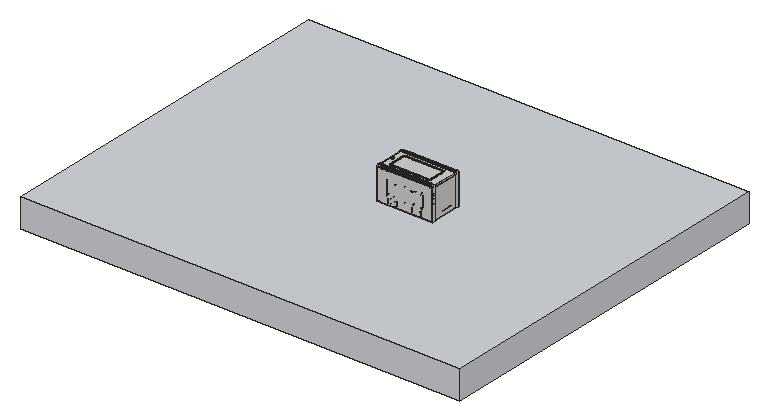
Revit family "ШТ-НСр 600х350", category Обобщенные модели, Revit 2019 (continued)
Definition of nested family "Крышка 350"
  Forms (mm)
    Extrusion 16, void, detail levels fine
      sketch origin (0, 0, -214.506) x (0, 1, 0) y (0, 0, 1)
        loop
          arc (238.196, 323.006) -> (239.942, 324.752) -> (238.196, 326.499) r 1.747
      from 299 to 300
    Extrusion 17, void, detail levels fine
      sketch origin (0, 0, -204.506) x (0, 1, 0) y (0, 0, 1)
        loop
          line (238.196, 326.499) -> (216.196, 326.499)
          arc (216.196, 326.499) -> (214.449, 324.752) -> (216.196, 323.006) r 1.747
          line (216.196, 323.006) -> (238.196, 323.006)
          arc (238.196, 323.006) -> (239.942, 324.752) -> (238.196, 326.499) r 1.747
      from 299 to 300
    Extrusion 18, void, detail levels fine
      sketch origin (0, 0, -194.506) x (0, 1, 0) y (0, 0, 1)
        loop
          line (238.196, 326.499) -> (216.196, 326.499)
          arc (216.196, 326.499) -> (214.449, 324.752) -> (216.196, 323.006) r 1.747
          line (216.196, 323.006) -> (238.196, 323.006)
          arc (238.196, 323.006) -> (239.942, 324.752) -> (238.196, 326.499) r 1.747
      from 299 to 300
    Extrusion 19, void, detail levels fine
      sketch origin (0, 0, -184.506) x (0, 1, 0) y (0, 0, 1)
        loop
          line (238.196, 326.499) -> (216.196, 326.499)
          arc (216.196, 326.499) -> (214.449, 324.752) -> (216.196, 323.006) r 1.747
          line (216.196, 323.006) -> (238.196, 323.006)
          arc (238.196, 323.006) -> (239.942, 324.752) -> (238.196, 326.499) r 1.747
      from 299 to 300
    Extrusion 20, void, detail levels fine
      sketch origin (0, 0, -174.506) x (0, 1, 0) y (0, 0, 1)
        loop
          line (238.196, 326.499) -> (216.196, 326.499)
          arc (216.196, 326.499) -> (214.449, 324.752) -> (216.196, 323.006) r 1.747
          line (216.196, 323.006) -> (238.196, 323.006)
          arc (238.196, 323.006) -> (239.942, 324.752) -> (238.196, 326.499) r 1.747
      from 299 to 300
    Extrusion 21, void, detail levels fine
      sketch origin (0, 0, -164.506) x (0, 1, 0) y (0, 0, 1)
        loop
          line (238.196, 326.499) -> (216.196, 326.499)
          arc (216.196, 326.499) -> (214.449, 324.752) -> (216.196, 323.006) r 1.747
          line (216.196, 323.006) -> (238.196, 323.006)
          arc (238.196, 323.006) -> (239.942, 324.752) -> (238.196, 326.499) r 1.747
      from 299 to 300
    Extrusion 22, void, detail levels fine
      sketch origin (0, 0, -154.506) x (0, 1, 0) y (0, 0, 1)
        loop
          line (238.196, 326.499) -> (216.196, 326.499)
          arc (216.196, 326.499) -> (214.449, 324.752) -> (216.196, 323.006) r 1.747
          line (216.196, 323.006) -> (238.196, 323.006)
          arc (238.196, 323.006) -> (239.942, 324.752) -> (238.196, 326.499) r 1.747
      from 299 to 300
    Extrusion 23, void, detail levels fine
      sketch origin (0, 0, -144.506) x (0, 1, 0) y (0, 0, 1)
        loop
          line (238.196, 326.499) -> (216.196, 326.499)
          arc (216.196, 326.499) -> (214.449, 324.752) -> (216.196, 323.006) r 1.747
          line (216.196, 323.006) -> (238.196, 323.006)
          arc (238.196, 323.006) -> (239.942, 324.752) -> (238.196, 326.499) r 1.747
      from 299 to 300
    Extrusion 24, void, detail levels fine
      sketch origin (0, 0, -134.506) x (0, 1, 0) y (0, 0, 1)
        loop
          line (238.196, 326.499) -> (216.196, 326.499)
          arc (216.196, 326.499) -> (214.449, 324.752) -> (216.196, 323.006) r 1.747
          line (216.196, 323.006) -> (238.196, 323.006)
          arc (238.196, 323.006) -> (239.942, 324.752) -> (238.196, 326.499) r 1.747
      from 299 to 300
    Extrusion 25, void, detail levels fine
      sketch origin (0, 0, -124.506) x (0, 1, 0) y (0, 0, 1)
        loop
          line (238.196, 326.499) -> (216.196, 326.499)
          arc (216.196, 326.499) -> (214.449, 324.752) -> (216.196, 323.006) r 1.747
          line (216.196, 323.006) -> (238.196, 323.006)
          arc (238.196, 323.006) -> (239.942, 324.752) -> (238.196, 326.499) r 1.747
      from 299 to 300
    Extrusion 26, void, detail levels fine
      sketch origin (0, 0, -114.506) x (0, 1, 0) y (0, 0, 1)
        loop
          line (238.196, 326.499) -> (216.196, 326.499)
          arc (216.196, 326.499) -> (214.449, 324.752) -> (216.196, 323.006) r 1.747
          line (216.196, 323.006) -> (238.196, 323.006)
          arc (238.196, 323.006) -> (239.942, 324.752) -> (238.196, 326.499) r 1.747
      from 299 to 300
    Extrusion 27, void, detail levels fine
      sketch origin (0, 0, -104.506) x (0, 1, 0) y (0, 0, 1)
        loop
          line (238.196, 326.499) -> (216.196, 326.499)
          arc (216.196, 326.499) -> (214.449, 324.752) -> (216.196, 323.006) r 1.747
          line (216.196, 323.006) -> (238.196, 323.006)
          arc (238.196, 323.006) -> (239.942, 324.752) -> (238.196, 326.499) r 1.747
      from 299 to 300
    Extrusion 28, void, detail levels fine
      sketch origin (0, 0, -94.506) x (0, 1, 0) y (0, 0, 1)
        loop
          line (238.196, 326.499) -> (216.196, 326.499)
          arc (216.196, 326.499) -> (214.449, 324.752) -> (216.196, 323.006) r 1.747
          line (216.196, 323.006) -> (238.196, 323.006)
          arc (238.196, 323.006) -> (239.942, 324.752) -> (238.196, 326.499) r 1.747
      from 299 to 300
    Extrusion 29, void, detail levels fine
      sketch origin (0, 0, -84.506) x (0, 1, 0) y (0, 0, 1)
        loop
          line (238.196, 326.499) -> (216.196, 326.499)
          arc (216.196, 326.499) -> (214.449, 324.752) -> (216.196, 323.006) r 1.747
          line (216.196, 323.006) -> (238.196, 323.006)
          arc (238.196, 323.006) -> (239.942, 324.752) -> (238.196, 326.499) r 1.747
      from 299 to 300
    Extrusion 30, void, detail levels fine
      sketch origin (0, 0, -74.506) x (0, 1, 0) y (0, 0, 1)
        loop
          line (238.196, 326.499) -> (216.196, 326.499)
          arc (216.196, 326.499) -> (214.449, 324.752) -> (216.196, 323.006) r 1.747
          line (216.196, 323.006) -> (238.196, 323.006)
          arc (238.196, 323.006) -> (239.942, 324.752) -> (238.196, 326.499) r 1.747
      from 299 to 300
    Extrusion 31, void, detail levels fine
      sketch origin (0, 0, -64.506) x (0, 1, 0) y (0, 0, 1)
        loop
          line (238.196, 326.499) -> (216.196, 326.499)
          arc (216.196, 326.499) -> (214.449, 324.752) -> (216.196, 323.006) r 1.747
          line (216.196, 323.006) -> (238.196, 323.006)
          arc (238.196, 323.006) -> (239.942, 324.752) -> (238.196, 326.499) r 1.747
      from 299 to 300
    Extrusion 32, void, detail levels fine
      sketch origin (0, 0, -54.506) x (0, 1, 0) y (0, 0, 1)
        loop
          line (238.196, 326.499) -> (216.196, 326.499)
          arc (216.196, 326.499) -> (214.449, 324.752) -> (216.196, 323.006) r 1.747
          line (216.196, 323.006) -> (238.196, 323.006)
          arc (238.196, 323.006) -> (239.942, 324.752) -> (238.196, 326.499) r 1.747
      from 299 to 300
    Extrusion 33, void, detail levels fine
      sketch origin (0, 0, -44.506) x (0, 1, 0) y (0, 0, 1)
        loop
          line (238.196, 326.499) -> (216.196, 326.499)
          arc (216.196, 326.499) -> (214.449, 324.752) -> (216.196, 323.006) r 1.747
          line (216.196, 323.006) -> (238.196, 323.006)
          arc (238.196, 323.006) -> (239.942, 324.752) -> (238.196, 326.499) r 1.747
      from 299 to 300
    Extrusion 34, void, detail levels fine
      sketch origin (0, 0, -34.506) x (0, 1, 0) y (0, 0, 1)
        loop
          line (238.196, 326.499) -> (216.196, 326.499)
          arc (216.196, 326.499) -> (214.449, 324.752) -> (216.196, 323.006) r 1.747
          line (216.196, 323.006) -> (238.196, 323.006)
          arc (238.196, 323.006) -> (239.942, 324.752) -> (238.196, 326.499) r 1.747
      from 299 to 300
    Extrusion 35, void, detail levels fine
      sketch origin (0, 0, -24.506) x (0, 1, 0) y (0, 0, 1)
        loop
          line (238.196, 326.499) -> (216.196, 326.499)
          arc (216.196, 326.499) -> (214.449, 324.752) -> (216.196, 323.006) r 1.747
          line (216.196, 323.006) -> (238.196, 323.006)
          arc (238.196, 323.006) -> (239.942, 324.752) -> (238.196, 326.499) r 1.747
      from 299 to 300
    Extrusion 36, void, detail levels fine
      sketch origin (0, 0, -14.506) x (0, 1, 0) y (0, 0, 1)
        loop
          line (238.196, 326.499) -> (216.196, 326.499)
          arc (216.196, 326.499) -> (214.449, 324.752) -> (216.196, 323.006) r 1.747
          line (216.196, 323.006) -> (238.196, 323.006)
          arc (238.196, 323.006) -> (239.942, 324.752) -> (238.196, 326.499) r 1.747
      from 299 to 300
    Extrusion 37, void, detail levels fine
      sketch origin (0, 0, -4.506) x (0, 1, 0) y (0, 0, 1)
        loop
          line (238.196, 326.499) -> (216.196, 326.499)
          arc (216.196, 326.499) -> (214.449, 324.752) -> (216.196, 323.006) r 1.747
          line (216.196, 323.006) -> (238.196, 323.006)
          arc (238.196, 323.006) -> (239.942, 324.752) -> (238.196, 326.499) r 1.747
      from 299 to 300
    Extrusion 38, void, detail levels fine
      sketch origin (0, 0, -94.506) x (0, 1, 0) y (0, 0, -1)
        loop
          arc (238.196, -326.499) -> (239.942, -324.752) -> (238.196, -323.006) r 1.747
          line (238.196, -323.006) -> (216.196, -323.006)
          arc (216.196, -323.006) -> (214.449, -324.752) -> (216.196, -326.499) r 1.747
          line (216.196, -326.499) -> (238.196, -326.499)
      from 299 to 300
    Extrusion 39, void, detail levels fine
      sketch origin (0, 0, -84.506) x (0, 1, 0) y (0, 0, -1)
        loop
          arc (238.196, -326.499) -> (239.942, -324.752) -> (238.196, -323.006) r 1.747
          line (238.196, -323.006) -> (216.196, -323.006)
          arc (216.196, -323.006) -> (214.449, -324.752) -> (216.196, -326.499) r 1.747
          line (216.196, -326.499) -> (238.196, -326.499)
      from 299 to 300
    Extrusion 40, void, detail levels fine
      sketch origin (0, 0, -74.506) x (0, 1, 0) y (0, 0, -1)
        loop
          arc (238.196, -326.499) -> (239.942, -324.752) -> (238.196, -323.006) r 1.747
          line (238.196, -323.006) -> (216.196, -323.006)
          arc (216.196, -323.006) -> (214.449, -324.752) -> (216.196, -326.499) r 1.747
          line (216.196, -326.499) -> (238.196, -326.499)
      from 299 to 300
    Extrusion 41, void, detail levels fine
      sketch origin (0, 0, -64.506) x (0, 1, 0) y (0, 0, -1)
        loop
          arc (238.196, -326.499) -> (239.942, -324.752) -> (238.196, -323.006) r 1.747
          line (238.196, -323.006) -> (216.196, -323.006)
          arc (216.196, -323.006) -> (214.449, -324.752) -> (216.196, -326.499) r 1.747
          line (216.196, -326.499) -> (238.196, -326.499)
      from 299 to 300
    Extrusion 42, void, detail levels fine
      sketch origin (0, 0, -54.506) x (0, 1, 0) y (0, 0, -1)
        loop
          arc (238.196, -326.499) -> (239.942, -324.752) -> (238.196, -323.006) r 1.747
          line (238.196, -323.006) -> (216.196, -323.006)
          arc (216.196, -323.006) -> (214.449, -324.752) -> (216.196, -326.499) r 1.747
          line (216.196, -326.499) -> (238.196, -326.499)
      from 299 to 300
    Extrusion 43, void, detail levels fine
      sketch origin (0, 0, -44.506) x (0, 1, 0) y (0, 0, -1)
        loop
          arc (238.196, -326.499) -> (239.942, -324.752) -> (238.196, -323.006) r 1.747
          line (238.196, -323.006) -> (216.196, -323.006)
          arc (216.196, -323.006) -> (214.449, -324.752) -> (216.196, -326.499) r 1.747
          line (216.196, -326.499) -> (238.196, -326.499)
      from 299 to 300
    Extrusion 44, void, detail levels fine
      sketch origin (0, 0, -34.506) x (0, 1, 0) y (0, 0, -1)
        loop
          arc (238.196, -326.499) -> (239.942, -324.752) -> (238.196, -323.006) r 1.747
          line (238.196, -323.006) -> (216.196, -323.006)
          arc (216.196, -323.006) -> (214.449, -324.752) -> (216.196, -326.499) r 1.747
          line (216.196, -326.499) -> (238.196, -326.499)
      from 299 to 300
    Extrusion 45, void, detail levels fine
      sketch origin (0, 0, -24.506) x (0, 1, 0) y (0, 0, -1)
        loop
          arc (238.196, -326.499) -> (239.942, -324.752) -> (238.196, -323.006) r 1.747
          line (238.196, -323.006) -> (216.196, -323.006)
          arc (216.196, -323.006) -> (214.449, -324.752) -> (216.196, -326.499) r 1.747
          line (216.196, -326.499) -> (238.196, -326.499)
      from 299 to 300
    Extrusion 46, void, detail levels fine
      sketch origin (0, 0, -14.506) x (0, 1, 0) y (0, 0, -1)
        loop
          arc (238.196, -326.499) -> (239.942, -324.752) -> (238.196, -323.006) r 1.747
          line (238.196, -323.006) -> (216.196, -323.006)
          arc (216.196, -323.006) -> (214.449, -324.752) -> (216.196, -326.499) r 1.747
          line (216.196, -326.499) -> (238.196, -326.499)
      from 299 to 300
    Extrusion 47, void, detail levels fine
      sketch origin (0, 0, -4.506) x (0, 1, 0) y (0, 0, -1)
        loop
          arc (238.196, -326.499) -> (239.942, -324.752) -> (238.196, -323.006) r 1.747
          line (238.196, -323.006) -> (216.196, -323.006)
          arc (216.196, -323.006) -> (214.449, -324.752) -> (216.196, -326.499) r 1.747
          line (216.196, -326.499) -> (238.196, -326.499)
      from 299 to 300
    Extrusion 48, void, detail levels fine
      sketch origin (0, 0, -144.506) x (0, 1, 0) y (0, 0, -1)
        loop
          arc (238.196, -326.499) -> (239.942, -324.752) -> (238.196, -323.006) r 1.747
          line (238.196, -323.006) -> (216.196, -323.006)
          arc (216.196, -323.006) -> (214.449, -324.752) -> (216.196, -326.499) r 1.747
          line (216.196, -326.499) -> (238.196, -326.499)
      from 299 to 300
    Extrusion 49, void, detail levels fine
      sketch origin (0, 0, -134.506) x (0, 1, 0) y (0, 0, -1)
        loop
          arc (238.196, -326.499) -> (239.942, -324.752) -> (238.196, -323.006) r 1.747
          line (238.196, -323.006) -> (216.196, -323.006)
          arc (216.196, -323.006) -> (214.449, -324.752) -> (216.196, -326.499) r 1.747
          line (216.196, -326.499) -> (238.196, -326.499)
      from 299 to 300
    Extrusion 50, void, detail levels fine
      sketch origin (0, 0, -124.506) x (0, 1, 0) y (0, 0, -1)
        loop
          arc (238.196, -326.499) -> (239.942, -324.752) -> (238.196, -323.006) r 1.747
          line (238.196, -323.006) -> (216.196, -323.006)
          arc (216.196, -323.006) -> (214.449, -324.752) -> (216.196, -326.499) r 1.747
          line (216.196, -326.499) -> (238.196, -326.499)
      from 299 to 300
    Extrusion 51, void, detail levels fine
      sketch origin (0, 0, -114.506) x (0, 1, 0) y (0, 0, -1)
        loop
          arc (238.196, -326.499) -> (239.942, -324.752) -> (238.196, -323.006) r 1.747
          line (238.196, -323.006) -> (216.196, -323.006)
          arc (216.196, -323.006) -> (214.449, -324.752) -> (216.196, -326.499) r 1.747
          line (216.196, -326.499) -> (238.196, -326.499)
      from 299 to 300
    Extrusion 52, void, detail levels fine
      sketch origin (0, 0, -104.506) x (0, 1, 0) y (0, 0, -1)
        loop
          arc (238.196, -326.499) -> (239.942, -324.752) -> (238.196, -323.006) r 1.747
          line (238.196, -323.006) -> (216.196, -323.006)
          arc (216.196, -323.006) -> (214.449, -324.752) -> (216.196, -326.499) r 1.747
          line (216.196, -326.499) -> (238.196, -326.499)
      from 299 to 300
    Extrusion 53, void, detail levels fine
      sketch origin (0, 0, -194.506) x (0, 1, 0) y (0, 0, -1)
        loop
          arc (238.196, -326.499) -> (239.942, -324.752) -> (238.196, -323.006) r 1.747
          line (238.196, -323.006) -> (216.196, -323.006)
          arc (216.196, -323.006) -> (214.449, -324.752) -> (216.196, -326.499) r 1.747
          line (216.196, -326.499) -> (238.196, -326.499)
      from 299 to 300
    Extrusion 54, void, detail levels fine
      sketch origin (0, 0, -184.506) x (0, 1, 0) y (0, 0, -1)
        loop
          arc (238.196, -326.499) -> (239.942, -324.752) -> (238.196, -323.006) r 1.747
          line (238.196, -323.006) -> (216.196, -323.006)
          arc (216.196, -323.006) -> (214.449, -324.752) -> (216.196, -326.499) r 1.747
          line (216.196, -326.499) -> (238.196, -326.499)
      from 299 to 300
    Extrusion 55, void, detail levels fine
      sketch origin (0, 0, -174.506) x (0, 1, 0) y (0, 0, -1)
        loop
          arc (238.196, -326.499) -> (239.942, -324.752) -> (238.196, -323.006) r 1.747
          line (238.196, -323.006) -> (216.196, -323.006)
          arc (216.196, -323.006) -> (214.449, -324.752) -> (216.196, -326.499) r 1.747
          line (216.196, -326.499) -> (238.196, -326.499)
      from 299 to 300
    Extrusion 56, void, detail levels fine
      sketch origin (0, 0, -164.506) x (0, 1, 0) y (0, 0, -1)
        loop
          arc (238.196, -326.499) -> (239.942, -324.752) -> (238.196, -323.006) r 1.747
          line (238.196, -323.006) -> (216.196, -323.006)
          arc (216.196, -323.006) -> (214.449, -324.752) -> (216.196, -326.499) r 1.747
          line (216.196, -326.499) -> (238.196, -326.499)
      from 299 to 300
    Extrusion 57, void, detail levels fine
      sketch origin (0, 0, -154.506) x (0, 1, 0) y (0, 0, -1)
        loop
          arc (238.196, -326.499) -> (239.942, -324.752) -> (238.196, -323.006) r 1.747
          line (238.196, -323.006) -> (216.196, -323.006)
          arc (216.196, -323.006) -> (214.449, -324.752) -> (216.196, -326.499) r 1.747
          line (216.196, -326.499) -> (238.196, -326.499)
      from 299 to 300
    Extrusion 58, void, detail levels fine
      sketch origin (0, 0, -244.506) x (0, 1, 0) y (0, 0, -1)
        loop
          arc (238.196, -326.499) -> (239.942, -324.752) -> (238.196, -323.006) r 1.747
          line (238.196, -323.006) -> (216.196, -323.006)
          arc (216.196, -323.006) -> (214.449, -324.752) -> (216.196, -326.499) r 1.747
          line (216.196, -326.499) -> (238.196, -326.499)
      from 299 to 300
    Extrusion 59, void, detail levels fine
      sketch origin (0, 0, -234.506) x (0, 1, 0) y (0, 0, -1)
        loop
          arc (238.196, -326.499) -> (239.942, -324.752) -> (238.196, -323.006) r 1.747
          line (238.196, -323.006) -> (216.196, -323.006)
          arc (216.196, -323.006) -> (214.449, -324.752) -> (216.196, -326.499) r 1.747
          line (216.196, -326.499) -> (238.196, -326.499)
      from 299 to 300
    Extrusion 60, void, detail levels fine
      sketch origin (0, 0, -224.506) x (0, 1, 0) y (0, 0, -1)
        loop
          arc (238.196, -326.499) -> (239.942, -324.752) -> (238.196, -323.006) r 1.747
          line (238.196, -323.006) -> (216.196, -323.006)
          arc (216.196, -323.006) -> (214.449, -324.752) -> (216.196, -326.499) r 1.747
          line (216.196, -326.499) -> (238.196, -326.499)
      from 299 to 300
    Extrusion 61, void, detail levels fine
      sketch origin (0, 0, -214.506) x (0, 1, 0) y (0, 0, -1)
        loop
          arc (238.196, -326.499) -> (239.942, -324.752) -> (238.196, -323.006) r 1.747
          line (238.196, -323.006) -> (216.196, -323.006)
          arc (216.196, -323.006) -> (214.449, -324.752) -> (216.196, -326.499) r 1.747
          line (216.196, -326.499) -> (238.196, -326.499)
      from 299 to 300
    Extrusion 62, void, detail levels fine
      sketch origin (0, 0, -204.506) x (0, 1, 0) y (0, 0, -1)
        loop
          arc (238.196, -326.499) -> (239.942, -324.752) -> (238.196, -323.006) r 1.747
          line (238.196, -323.006) -> (216.196, -323.006)
          arc (216.196, -323.006) -> (214.449, -324.752) -> (216.196, -326.499) r 1.747
          line (216.196, -326.499) -> (238.196, -326.499)
      from 299 to 300
    Extrusion 63, void, detail levels fine
      sketch origin (0, 0, -294.506) x (0, 1, 0) y (0, 0, -1)
        loop
          arc (238.196, -326.499) -> (239.942, -324.752) -> (238.196, -323.006) r 1.747
          line (238.196, -323.006) -> (216.196, -323.006)
          arc (216.196, -323.006) -> (214.449, -324.752) -> (216.196, -326.499) r 1.747
          line (216.196, -326.499) -> (238.196, -326.499)
      from 299 to 300
    Extrusion 64, void, detail levels fine
      sketch origin (0, 0, -284.506) x (0, 1, 0) y (0, 0, -1)
        loop
          arc (238.196, -326.499) -> (239.942, -324.752) -> (238.196, -323.006) r 1.747
          line (238.196, -323.006) -> (216.196, -323.006)
          arc (216.196, -323.006) -> (214.449, -324.752) -> (216.196, -326.499) r 1.747
          line (216.196, -326.499) -> (238.196, -326.499)
      from 299 to 300
    Extrusion 65, void, detail levels fine
      sketch origin (0, 0, -274.506) x (0, 1, 0) y (0, 0, -1)
        loop
          arc (238.196, -326.499) -> (239.942, -324.752) -> (238.196, -323.006) r 1.747
          line (238.196, -323.006) -> (216.196, -323.006)
          arc (216.196, -323.006) -> (214.449, -324.752) -> (216.196, -326.499) r 1.747
          line (216.196, -326.499) -> (238.196, -326.499)
      from 299 to 300
    Extrusion 66, void, detail levels fine
      sketch origin (0, 0, -264.506) x (0, 1, 0) y (0, 0, -1)
        loop
          arc (238.196, -326.499) -> (239.942, -324.752) -> (238.196, -323.006) r 1.747
          line (238.196, -323.006) -> (216.196, -323.006)
          arc (216.196, -323.006) -> (214.449, -324.752) -> (216.196, -326.499) r 1.747
          line (216.196, -326.499) -> (238.196, -326.499)
      from 299 to 300
    Extrusion 67, void, detail levels fine
      sketch origin (0, 0, -254.506) x (0, 1, 0) y (0, 0, -1)
        loop
          arc (238.196, -326.499) -> (239.942, -324.752) -> (238.196, -323.006) r 1.747
          line (238.196, -323.006) -> (216.196, -323.006)
          arc (216.196, -323.006) -> (214.449, -324.752) -> (216.196, -326.499) r 1.747
          line (216.196, -326.499) -> (238.196, -326.499)
      from 299 to 300
    Extrusion 68, void, detail levels fine
      sketch origin (-292.566, 67.262, 0) x (1, 0, 0) y (0, 1, 0)
        loop
          line (31.066, 172.333) -> (31.066, 148.933)
          arc (31.066, 148.933) -> (32.566, 147.433) -> (34.066, 148.933) r 1.5
          line (34.066, 148.933) -> (34.066, 172.333)
          arc (34.066, 172.333) -> (32.566, 173.833) -> (31.066, 172.333) r 1.5
      from 339.994 to 350 <- "ADSK_Размер_Глубина"
    Extrusion 69, void, detail levels fine
      sketch origin (-282.566, 67.262, 0) x (1, 0, 0) y (0, 1, 0)
        loop
          line (31.066, 172.333) -> (31.066, 148.933)
          arc (31.066, 148.933) -> (32.566, 147.433) -> (34.066, 148.933) r 1.5
          line (34.066, 148.933) -> (34.066, 172.333)
          arc (34.066, 172.333) -> (32.566, 173.833) -> (31.066, 172.333) r 1.5
      from 339.994 to 350 <- "ADSK_Размер_Глубина"
    Extrusion 70, void, detail levels fine
      sketch origin (-272.566, 67.262, 0) x (1, 0, 0) y (0, 1, 0)
        loop
          line (31.066, 172.333) -> (31.066, 148.933)
          arc (31.066, 148.933) -> (32.566, 147.433) -> (34.066, 148.933) r 1.5
          line (34.066, 148.933) -> (34.066, 172.333)
          arc (34.066, 172.333) -> (32.566, 173.833) -> (31.066, 172.333) r 1.5
      from 339.994 to 350 <- "ADSK_Размер_Глубина"
    Extrusion 71, void, detail levels fine
      sketch origin (-262.566, 67.262, 0) x (1, 0, 0) y (0, 1, 0)
        loop
          line (31.066, 172.333) -> (31.066, 148.933)
          arc (31.066, 148.933) -> (32.566, 147.433) -> (34.066, 148.933) r 1.5
          line (34.066, 148.933) -> (34.066, 172.333)
          arc (34.066, 172.333) -> (32.566, 173.833) -> (31.066, 172.333) r 1.5
      from 339.994 to 350 <- "ADSK_Размер_Глубина"
    Extrusion 72, void, detail levels fine
      sketch origin (-252.566, 67.262, 0) x (1, 0, 0) y (0, 1, 0)
        loop
          line (31.066, 172.333) -> (31.066, 148.933)
          arc (31.066, 148.933) -> (32.566, 147.433) -> (34.066, 148.933) r 1.5
          line (34.066, 148.933) -> (34.066, 172.333)
          arc (34.066, 172.333) -> (32.566, 173.833) -> (31.066, 172.333) r 1.5
      from 339.994 to 350 <- "ADSK_Размер_Глубина"
    Extrusion 73, void, detail levels fine
      sketch origin (-242.566, 67.262, 0) x (1, 0, 0) y (0, 1, 0)
        loop
          line (31.066, 172.333) -> (31.066, 148.933)
          arc (31.066, 148.933) -> (32.566, 147.433) -> (34.066, 148.933) r 1.5
          line (34.066, 148.933) -> (34.066, 172.333)
          arc (34.066, 172.333) -> (32.566, 173.833) -> (31.066, 172.333) r 1.5
      from 339.994 to 350 <- "ADSK_Размер_Глубина"
    Extrusion 74, void, detail levels fine
      sketch origin (-232.566, 67.262, 0) x (1, 0, 0) y (0, 1, 0)
        loop
          line (31.066, 172.333) -> (31.066, 148.933)
          arc (31.066, 148.933) -> (32.566, 147.433) -> (34.066, 148.933) r 1.5
          line (34.066, 148.933) -> (34.066, 172.333)
          arc (34.066, 172.333) -> (32.566, 173.833) -> (31.066, 172.333) r 1.5
      from 339.994 to 350 <- "ADSK_Размер_Глубина"
    Extrusion 75, void, detail levels fine
      sketch origin (-222.566, 67.262, 0) x (1, 0, 0) y (0, 1, 0)
        loop
          line (31.066, 172.333) -> (31.066, 148.933)
          arc (31.066, 148.933) -> (32.566, 147.433) -> (34.066, 148.933) r 1.5
          line (34.066, 148.933) -> (34.066, 172.333)
          arc (34.066, 172.333) -> (32.566, 173.833) -> (31.066, 172.333) r 1.5
      from 339.994 to 350 <- "ADSK_Размер_Глубина"
    Extrusion 76, void, detail levels fine
      sketch origin (-212.566, 67.262, 0) x (1, 0, 0) y (0, 1, 0)
        loop
          line (31.066, 172.333) -> (31.066, 148.933)
          arc (31.066, 148.933) -> (32.566, 147.433) -> (34.066, 148.933) r 1.5
          line (34.066, 148.933) -> (34.066, 172.333)
          arc (34.066, 172.333) -> (32.566, 173.833) -> (31.066, 172.333) r 1.5
      from 339.994 to 350 <- "ADSK_Размер_Глубина"
    Extrusion 77, void, detail levels fine
      sketch origin (-202.566, 67.262, 0) x (1, 0, 0) y (0, 1, 0)
        loop
          line (31.066, 172.333) -> (31.066, 148.933)
          arc (31.066, 148.933) -> (32.566, 147.433) -> (34.066, 148.933) r 1.5
          line (34.066, 148.933) -> (34.066, 172.333)
          arc (34.066, 172.333) -> (32.566, 173.833) -> (31.066, 172.333) r 1.5
      from 339.994 to 350 <- "ADSK_Размер_Глубина"
    Extrusion 78, void, detail levels fine
      sketch origin (-192.566, 67.262, 0) x (1, 0, 0) y (0, 1, 0)
        loop
          line (31.066, 172.333) -> (31.066, 148.933)
          arc (31.066, 148.933) -> (32.566, 147.433) -> (34.066, 148.933) r 1.5
          line (34.066, 148.933) -> (34.066, 172.333)
          arc (34.066, 172.333) -> (32.566, 173.833) -> (31.066, 172.333) r 1.5
      from 339.994 to 350 <- "ADSK_Размер_Глубина"
    Extrusion 79, void, detail levels fine
      sketch origin (-182.566, 67.262, 0) x (1, 0, 0) y (0, 1, 0)
        loop
          line (31.066, 172.333) -> (31.066, 148.933)
          arc (31.066, 148.933) -> (32.566, 147.433) -> (34.066, 148.933) r 1.5
          line (34.066, 148.933) -> (34.066, 172.333)
          arc (34.066, 172.333) -> (32.566, 173.833) -> (31.066, 172.333) r 1.5
      from 339.994 to 350 <- "ADSK_Размер_Глубина"
    Extrusion 80, void, detail levels fine
      sketch origin (-172.566, 67.262, 0) x (1, 0, 0) y (0, 1, 0)
        loop
          line (31.066, 172.333) -> (31.066, 148.933)
          arc (31.066, 148.933) -> (32.566, 147.433) -> (34.066, 148.933) r 1.5
          line (34.066, 148.933) -> (34.066, 172.333)
          arc (34.066, 172.333) -> (32.566, 173.833) -> (31.066, 172.333) r 1.5
      from 339.994 to 350 <- "ADSK_Размер_Глубина"
    Extrusion 81, void, detail levels fine
      sketch origin (-162.566, 67.262, 0) x (1, 0, 0) y (0, 1, 0)
        loop
          line (31.066, 172.333) -> (31.066, 148.933)
          arc (31.066, 148.933) -> (32.566, 147.433) -> (34.066, 148.933) r 1.5
          line (34.066, 148.933) -> (34.066, 172.333)
          arc (34.066, 172.333) -> (32.566, 173.833) -> (31.066, 172.333) r 1.5
      from 339.994 to 350 <- "ADSK_Размер_Глубина"
    Extrusion 82, void, detail levels fine
      sketch origin (-152.566, 67.262, 0) x (1, 0, 0) y (0, 1, 0)
        loop
          line (31.066, 172.333) -> (31.066, 148.933)
          arc (31.066, 148.933) -> (32.566, 147.433) -> (34.066, 148.933) r 1.5
          line (34.066, 148.933) -> (34.066, 172.333)
          arc (34.066, 172.333) -> (32.566, 173.833) -> (31.066, 172.333) r 1.5
      from 339.994 to 350 <- "ADSK_Размер_Глубина"
    Extrusion 83, void, detail levels fine
      sketch origin (-142.566, 67.262, 0) x (1, 0, 0) y (0, 1, 0)
        loop
          line (31.066, 172.333) -> (31.066, 148.933)
          arc (31.066, 148.933) -> (32.566, 147.433) -> (34.066, 148.933) r 1.5
          line (34.066, 148.933) -> (34.066, 172.333)
          arc (34.066, 172.333) -> (32.566, 173.833) -> (31.066, 172.333) r 1.5
      from 339.994 to 350 <- "ADSK_Размер_Глубина"
    Extrusion 84, void, detail levels fine
      sketch origin (-132.566, 67.262, 0) x (1, 0, 0) y (0, 1, 0)
        loop
          line (31.066, 172.333) -> (31.066, 148.933)
          arc (31.066, 148.933) -> (32.566, 147.433) -> (34.066, 148.933) r 1.5
          line (34.066, 148.933) -> (34.066, 172.333)
          arc (34.066, 172.333) -> (32.566, 173.833) -> (31.066, 172.333) r 1.5
      from 339.994 to 350 <- "ADSK_Размер_Глубина"
    Extrusion 85, void, detail levels fine
      sketch origin (-122.566, 67.262, 0) x (1, 0, 0) y (0, 1, 0)
        loop
          line (31.066, 172.333) -> (31.066, 148.933)
          arc (31.066, 148.933) -> (32.566, 147.433) -> (34.066, 148.933) r 1.5
          line (34.066, 148.933) -> (34.066, 172.333)
          arc (34.066, 172.333) -> (32.566, 173.833) -> (31.066, 172.333) r 1.5
      from 339.994 to 350 <- "ADSK_Размер_Глубина"
    Extrusion 86, void, detail levels fine
      sketch origin (-112.566, 67.262, 0) x (1, 0, 0) y (0, 1, 0)
        loop
          line (31.066, 172.333) -> (31.066, 148.933)
          arc (31.066, 148.933) -> (32.566, 147.433) -> (34.066, 148.933) r 1.5
          line (34.066, 148.933) -> (34.066, 172.333)
          arc (34.066, 172.333) -> (32.566, 173.833) -> (31.066, 172.333) r 1.5
      from 339.994 to 350 <- "ADSK_Размер_Глубина"
    Extrusion 87, void, detail levels fine
      sketch origin (-102.566, 67.262, 0) x (1, 0, 0) y (0, 1, 0)
        loop
          line (31.066, 172.333) -> (31.066, 148.933)
          arc (31.066, 148.933) -> (32.566, 147.433) -> (34.066, 148.933) r 1.5
          line (34.066, 148.933) -> (34.066, 172.333)
          arc (34.066, 172.333) -> (32.566, 173.833) -> (31.066, 172.333) r 1.5
      from 339.994 to 350 <- "ADSK_Размер_Глубина"
    Extrusion 88, void, detail levels fine
      sketch origin (-92.566, 67.262, 0) x (1, 0, 0) y (0, 1, 0)
        loop
          line (31.066, 172.333) -> (31.066, 148.933)
          arc (31.066, 148.933) -> (32.566, 147.433) -> (34.066, 148.933) r 1.5
          line (34.066, 148.933) -> (34.066, 172.333)
          arc (34.066, 172.333) -> (32.566, 173.833) -> (31.066, 172.333) r 1.5
      from 339.994 to 350 <- "ADSK_Размер_Глубина"
    Extrusion 89, void, detail levels fine
      sketch origin (-82.566, 67.262, 0) x (1, 0, 0) y (0, 1, 0)
        loop
          line (31.066, 172.333) -> (31.066, 148.933)
          arc (31.066, 148.933) -> (32.566, 147.433) -> (34.066, 148.933) r 1.5
          line (34.066, 148.933) -> (34.066, 172.333)
          arc (34.066, 172.333) -> (32.566, 173.833) -> (31.066, 172.333) r 1.5
      from 339.994 to 350 <- "ADSK_Размер_Глубина"
    Extrusion 90, void, detail levels fine
      sketch origin (-72.566, 67.262, 0) x (1, 0, 0) y (0, 1, 0)
        loop
          line (31.066, 172.333) -> (31.066, 148.933)
          arc (31.066, 148.933) -> (32.566, 147.433) -> (34.066, 148.933) r 1.5
          line (34.066, 148.933) -> (34.066, 172.333)
          arc (34.066, 172.333) -> (32.566, 173.833) -> (31.066, 172.333) r 1.5
      from 339.994 to 350 <- "ADSK_Размер_Глубина"
    Extrusion 91, void, detail levels fine
      sketch origin (-62.566, 67.262, 0) x (1, 0, 0) y (0, 1, 0)
        loop
          line (31.066, 172.333) -> (31.066, 148.933)
          arc (31.066, 148.933) -> (32.566, 147.433) -> (34.066, 148.933) r 1.5
          line (34.066, 148.933) -> (34.066, 172.333)
          arc (34.066, 172.333) -> (32.566, 173.833) -> (31.066, 172.333) r 1.5
      from 339.994 to 350 <- "ADSK_Размер_Глубина"
    Extrusion 92, void, detail levels fine
      sketch origin (-52.566, 67.262, 0) x (1, 0, 0) y (0, 1, 0)
        loop
          line (31.066, 172.333) -> (31.066, 148.933)
          arc (31.066, 148.933) -> (32.566, 147.433) -> (34.066, 148.933) r 1.5
          line (34.066, 148.933) -> (34.066, 172.333)
          arc (34.066, 172.333) -> (32.566, 173.833) -> (31.066, 172.333) r 1.5
      from 339.994 to 350 <- "ADSK_Размер_Глубина"
    Extrusion 93, void, detail levels fine
      sketch origin (-42.566, 67.262, 0) x (1, 0, 0) y (0, 1, 0)
        loop
          line (31.066, 172.333) -> (31.066, 148.933)
          arc (31.066, 148.933) -> (32.566, 147.433) -> (34.066, 148.933) r 1.5
          line (34.066, 148.933) -> (34.066, 172.333)
          arc (34.066, 172.333) -> (32.566, 173.833) -> (31.066, 172.333) r 1.5
      from 339.994 to 350 <- "ADSK_Размер_Глубина"
    Extrusion 94, void, detail levels fine
      sketch origin (-32.566, 67.262, 0) x (1, 0, 0) y (0, 1, 0)
        loop
          line (31.066, 172.333) -> (31.066, 148.933)
          arc (31.066, 148.933) -> (32.566, 147.433) -> (34.066, 148.933) r 1.5
          line (34.066, 148.933) -> (34.066, 172.333)
          arc (34.066, 172.333) -> (32.566, 173.833) -> (31.066, 172.333) r 1.5
      from 339.994 to 350 <- "ADSK_Размер_Глубина"
    Extrusion 95, void, detail levels fine
      sketch origin (-22.566, 67.262, 0) x (1, 0, 0) y (0, 1, 0)
        loop
          line (31.066, 172.333) -> (31.066, 148.933)
          arc (31.066, 148.933) -> (32.566, 147.433) -> (34.066, 148.933) r 1.5
          line (34.066, 148.933) -> (34.066, 172.333)
          arc (34.066, 172.333) -> (32.566, 173.833) -> (31.066, 172.333) r 1.5
      from 339.994 to 350 <- "ADSK_Размер_Глубина"
    Extrusion 96, void, detail levels fine
      sketch origin (-12.566, 67.262, 0) x (1, 0, 0) y (0, 1, 0)
        loop
          line (31.066, 172.333) -> (31.066, 148.933)
          arc (31.066, 148.933) -> (32.566, 147.433) -> (34.066, 148.933) r 1.5
          line (34.066, 148.933) -> (34.066, 172.333)
          arc (34.066, 172.333) -> (32.566, 173.833) -> (31.066, 172.333) r 1.5
      from 339.994 to 350 <- "ADSK_Размер_Глубина"
    Extrusion 97, void, detail levels fine
      sketch origin (-2.566, 67.262, 0) x (1, 0, 0) y (0, 1, 0)
        loop
          line (31.066, 172.333) -> (31.066, 148.933)
          arc (31.066, 148.933) -> (32.566, 147.433) -> (34.066, 148.933) r 1.5
          line (34.066, 148.933) -> (34.066, 172.333)
          arc (34.066, 172.333) -> (32.566, 173.833) -> (31.066, 172.333) r 1.5
      from 339.994 to 350 <- "ADSK_Размер_Глубина"
    Extrusion 98, void, detail levels fine
      sketch origin (7.434, 67.262, 0) x (1, 0, 0) y (0, 1, 0)
        loop
          line (31.066, 172.333) -> (31.066, 148.933)
          arc (31.066, 148.933) -> (32.566, 147.433) -> (34.066, 148.933) r 1.5
          line (34.066, 148.933) -> (34.066, 172.333)
          arc (34.066, 172.333) -> (32.566, 173.833) -> (31.066, 172.333) r 1.5
      from 339.994 to 350 <- "ADSK_Размер_Глубина"
    Extrusion 99, void, detail levels fine
      sketch origin (17.434, 67.262, 0) x (1, 0, 0) y (0, 1, 0)
        loop
          line (31.066, 172.333) -> (31.066, 148.933)
          arc (31.066, 148.933) -> (32.566, 147.433) -> (34.066, 148.933) r 1.5
          line (34.066, 148.933) -> (34.066, 172.333)
          arc (34.066, 172.333) -> (32.566, 173.833) -> (31.066, 172.333) r 1.5
      from 339.994 to 350 <- "ADSK_Размер_Глубина"
    Extrusion 100, void, detail levels fine
      sketch origin (27.434, 67.262, 0) x (1, 0, 0) y (0, 1, 0)
        loop
          line (31.066, 172.333) -> (31.066, 148.933)
          arc (31.066, 148.933) -> (32.566, 147.433) -> (34.066, 148.933) r 1.5
          line (34.066, 148.933) -> (34.066, 172.333)
          arc (34.066, 172.333) -> (32.566, 173.833) -> (31.066, 172.333) r 1.5
      from 339.994 to 350 <- "ADSK_Размер_Глубина"
    Extrusion 101, void, detail levels fine
      sketch origin (37.434, 67.262, 0) x (1, 0, 0) y (0, 1, 0)
        loop
          line (31.066, 172.333) -> (31.066, 148.933)
          arc (31.066, 148.933) -> (32.566, 147.433) -> (34.066, 148.933) r 1.5
          line (34.066, 148.933) -> (34.066, 172.333)
          arc (34.066, 172.333) -> (32.566, 173.833) -> (31.066, 172.333) r 1.5
      from 339.994 to 350 <- "ADSK_Размер_Глубина"
    Extrusion 102, void, detail levels fine
      sketch origin (47.434, 67.262, 0) x (1, 0, 0) y (0, 1, 0)
        loop
          line (31.066, 172.333) -> (31.066, 148.933)
          arc (31.066, 148.933) -> (32.566, 147.433) -> (34.066, 148.933) r 1.5
          line (34.066, 148.933) -> (34.066, 172.333)
          arc (34.066, 172.333) -> (32.566, 173.833) -> (31.066, 172.333) r 1.5
      from 339.994 to 350 <- "ADSK_Размер_Глубина"
    Extrusion 103, void, detail levels fine
      sketch origin (57.434, 67.262, 0) x (1, 0, 0) y (0, 1, 0)
        loop
          line (31.066, 172.333) -> (31.066, 148.933)
          arc (31.066, 148.933) -> (32.566, 147.433) -> (34.066, 148.933) r 1.5
          line (34.066, 148.933) -> (34.066, 172.333)
          arc (34.066, 172.333) -> (32.566, 173.833) -> (31.066, 172.333) r 1.5
      from 339.994 to 350 <- "ADSK_Размер_Глубина"
    Extrusion 104, void, detail levels fine
      sketch origin (67.434, 67.262, 0) x (1, 0, 0) y (0, 1, 0)
        loop
          line (31.066, 172.333) -> (31.066, 148.933)
          arc (31.066, 148.933) -> (32.566, 147.433) -> (34.066, 148.933) r 1.5
          line (34.066, 148.933) -> (34.066, 172.333)
          arc (34.066, 172.333) -> (32.566, 173.833) -> (31.066, 172.333) r 1.5
      from 339.994 to 350 <- "ADSK_Размер_Глубина"
    Extrusion 105, void, detail levels fine
      sketch origin (77.434, 67.262, 0) x (1, 0, 0) y (0, 1, 0)
        loop
          line (31.066, 172.333) -> (31.066, 148.933)
          arc (31.066, 148.933) -> (32.566, 147.433) -> (34.066, 148.933) r 1.5
          line (34.066, 148.933) -> (34.066, 172.333)
          arc (34.066, 172.333) -> (32.566, 173.833) -> (31.066, 172.333) r 1.5
      from 339.994 to 350 <- "ADSK_Размер_Глубина"
    Extrusion 106, void, detail levels fine
      sketch origin (87.434, 67.262, 0) x (1, 0, 0) y (0, 1, 0)
        loop
          line (31.066, 172.333) -> (31.066, 148.933)
          arc (31.066, 148.933) -> (32.566, 147.433) -> (34.066, 148.933) r 1.5
          line (34.066, 148.933) -> (34.066, 172.333)
          arc (34.066, 172.333) -> (32.566, 173.833) -> (31.066, 172.333) r 1.5
      from 339.994 to 350 <- "ADSK_Размер_Глубина"
    Extrusion 107, void, detail levels fine
      sketch origin (97.434, 67.262, 0) x (1, 0, 0) y (0, 1, 0)
        loop
          line (31.066, 172.333) -> (31.066, 148.933)
          arc (31.066, 148.933) -> (32.566, 147.433) -> (34.066, 148.933) r 1.5
          line (34.066, 148.933) -> (34.066, 172.333)
          arc (34.066, 172.333) -> (32.566, 173.833) -> (31.066, 172.333) r 1.5
      from 339.994 to 350 <- "ADSK_Размер_Глубина"
    Extrusion 108, void, detail levels fine
      sketch origin (107.434, 67.262, 0) x (1, 0, 0) y (0, 1, 0)
        loop
          line (31.066, 172.333) -> (31.066, 148.933)
          arc (31.066, 148.933) -> (32.566, 147.433) -> (34.066, 148.933) r 1.5
          line (34.066, 148.933) -> (34.066, 172.333)
          arc (34.066, 172.333) -> (32.566, 173.833) -> (31.066, 172.333) r 1.5
      from 339.994 to 350 <- "ADSK_Размер_Глубина"
    Extrusion 109, void, detail levels fine
      sketch origin (117.434, 67.262, 0) x (1, 0, 0) y (0, 1, 0)
        loop
          line (31.066, 172.333) -> (31.066, 148.933)
          arc (31.066, 148.933) -> (32.566, 147.433) -> (34.066, 148.933) r 1.5
          line (34.066, 148.933) -> (34.066, 172.333)
          arc (34.066, 172.333) -> (32.566, 173.833) -> (31.066, 172.333) r 1.5
      from 339.994 to 350 <- "ADSK_Размер_Глубина"
    Extrusion 110, void, detail levels fine
      sketch origin (127.434, 67.262, 0) x (1, 0, 0) y (0, 1, 0)
        loop
          line (31.066, 172.333) -> (31.066, 148.933)
          arc (31.066, 148.933) -> (32.566, 147.433) -> (34.066, 148.933) r 1.5
          line (34.066, 148.933) -> (34.066, 172.333)
          arc (34.066, 172.333) -> (32.566, 173.833) -> (31.066, 172.333) r 1.5
      from 339.994 to 350 <- "ADSK_Размер_Глубина"
    Extrusion 111, void, detail levels fine
      sketch origin (137.434, 67.262, 0) x (1, 0, 0) y (0, 1, 0)
        loop
          line (31.066, 172.333) -> (31.066, 148.933)
          arc (31.066, 148.933) -> (32.566, 147.433) -> (34.066, 148.933) r 1.5
          line (34.066, 148.933) -> (34.066, 172.333)
          arc (34.066, 172.333) -> (32.566, 173.833) -> (31.066, 172.333) r 1.5
      from 339.994 to 350 <- "ADSK_Размер_Глубина"
    Extrusion 112, void, detail levels fine
      sketch origin (147.434, 67.262, 0) x (1, 0, 0) y (0, 1, 0)
        loop
          line (31.066, 172.333) -> (31.066, 148.933)
          arc (31.066, 148.933) -> (32.566, 147.433) -> (34.066, 148.933) r 1.5
          line (34.066, 148.933) -> (34.066, 172.333)
          arc (34.066, 172.333) -> (32.566, 173.833) -> (31.066, 172.333) r 1.5
      from 339.994 to 350 <- "ADSK_Размер_Глубина"
    Extrusion 113, void, detail levels fine
      sketch origin (157.434, 67.262, 0) x (1, 0, 0) y (0, 1, 0)
        loop
          line (31.066, 172.333) -> (31.066, 148.933)
          arc (31.066, 148.933) -> (32.566, 147.433) -> (34.066, 148.933) r 1.5
          line (34.066, 148.933) -> (34.066, 172.333)
          arc (34.066, 172.333) -> (32.566, 173.833) -> (31.066, 172.333) r 1.5
      from 339.994 to 350 <- "ADSK_Размер_Глубина"
    Extrusion 114, void, detail levels fine
      sketch origin (167.434, 67.262, 0) x (1, 0, 0) y (0, 1, 0)
        loop
          line (31.066, 172.333) -> (31.066, 148.933)
          arc (31.066, 148.933) -> (32.566, 147.433) -> (34.066, 148.933) r 1.5
          line (34.066, 148.933) -> (34.066, 172.333)
          arc (34.066, 172.333) -> (32.566, 173.833) -> (31.066, 172.333) r 1.5
      from 339.994 to 350 <- "ADSK_Размер_Глубина"
    Extrusion 115, void, detail levels fine
      sketch origin (177.434, 67.262, 0) x (1, 0, 0) y (0, 1, 0)
        loop
          line (31.066, 172.333) -> (31.066, 148.933)
          arc (31.066, 148.933) -> (32.566, 147.433) -> (34.066, 148.933) r 1.5
          line (34.066, 148.933) -> (34.066, 172.333)
          arc (34.066, 172.333) -> (32.566, 173.833) -> (31.066, 172.333) r 1.5
      from 339.994 to 350 <- "ADSK_Размер_Глубина"
    Extrusion 116, void, detail levels fine
      sketch origin (187.434, 67.262, 0) x (1, 0, 0) y (0, 1, 0)
        loop
          line (31.066, 172.333) -> (31.066, 148.933)
          arc (31.066, 148.933) -> (32.566, 147.433) -> (34.066, 148.933) r 1.5
          line (34.066, 148.933) -> (34.066, 172.333)
          arc (34.066, 172.333) -> (32.566, 173.833) -> (31.066, 172.333) r 1.5
      from 339.994 to 350 <- "ADSK_Размер_Глубина"
    Extrusion 117, void, detail levels fine
      sketch origin (197.434, 67.262, 0) x (1, 0, 0) y (0, 1, 0)
        loop
          line (31.066, 172.333) -> (31.066, 148.933)
          arc (31.066, 148.933) -> (32.566, 147.433) -> (34.066, 148.933) r 1.5
          line (34.066, 148.933) -> (34.066, 172.333)
          arc (34.066, 172.333) -> (32.566, 173.833) -> (31.066, 172.333) r 1.5
      from 339.994 to 350 <- "ADSK_Размер_Глубина"
    Extrusion 118, void, detail levels fine
      sketch origin (207.434, 67.262, 0) x (1, 0, 0) y (0, 1, 0)
        loop
          line (31.066, 172.333) -> (31.066, 148.933)
          arc (31.066, 148.933) -> (32.566, 147.433) -> (34.066, 148.933) r 1.5
          line (34.066, 148.933) -> (34.066, 172.333)
          arc (34.066, 172.333) -> (32.566, 173.833) -> (31.066, 172.333) r 1.5
      from 339.994 to 350 <- "ADSK_Размер_Глубина"
    Extrusion 119, void, detail levels fine
      sketch origin (217.434, 67.262, 0) x (1, 0, 0) y (0, 1, 0)
        loop
          line (31.066, 172.333) -> (31.066, 148.933)
          arc (31.066, 148.933) -> (32.566, 147.433) -> (34.066, 148.933) r 1.5
          line (34.066, 148.933) -> (34.066, 172.333)
          arc (34.066, 172.333) -> (32.566, 173.833) -> (31.066, 172.333) r 1.5
      from 339.994 to 350 <- "ADSK_Размер_Глубина"
    Extrusion 120, void, detail levels fine
      sketch origin (227.434, 67.262, 0) x (1, 0, 0) y (0, 1, 0)
        loop
          line (31.066, 172.333) -> (31.066, 148.933)
          arc (31.066, 148.933) -> (32.566, 147.433) -> (34.066, 148.933) r 1.5
          line (34.066, 148.933) -> (34.066, 172.333)
          arc (34.066, 172.333) -> (32.566, 173.833) -> (31.066, 172.333) r 1.5
      from 339.994 to 350 <- "ADSK_Размер_Глубина"
    Extrusion 121, void, detail levels fine
      sketch origin (237.434, 67.262, 0) x (1, 0, 0) y (0, 1, 0)
        loop
          line (31.066, 172.333) -> (31.066, 148.933)
          arc (31.066, 148.933) -> (32.566, 147.433) -> (34.066, 148.933) r 1.5
          line (34.066, 148.933) -> (34.066, 172.333)
          arc (34.066, 172.333) -> (32.566, 173.833) -> (31.066, 172.333) r 1.5
      from 339.994 to 350 <- "ADSK_Размер_Глубина"
  Cuts and joins
    Extrusion 3, Extrusion 4, Extrusion 5, Extrusion 6, Extrusion 7, Extrusion 8, Extrusion 9, Extrusion 10, Extrusion 11, Extrusion 12, Extrusion 13, Extrusion 14, Extrusion 15, Extrusion 16, Extrusion 17, Extrusion 18, Extrusion 19, Extrusion 20, Extrusion 21, Extrusion 22, Extrusion 23, Extrusion 24, Extrusion 25, Extrusion 26, Extrusion 27, Extrusion 28, Extrusion 29, Extrusion 30, Extrusion 31, Extrusion 32, Extrusion 33, Extrusion 34, Extrusion 35, Extrusion 36, Extrusion 37, Extrusion 38, Extrusion 39, Extrusion 40, Extrusion 41, Extrusion 42, Extrusion 43, Extrusion 44, Extrusion 45, Extrusion 46, Extrusion 47, Extrusion 48, Extrusion 49, Extrusion 50, Extrusion 51, Extrusion 52, Extrusion 53, Extrusion 54, Extrusion 55, Extrusion 56, Extrusion 57, Extrusion 58, Extrusion 59, Extrusion 60, Extrusion 61, Extrusion 62, Extrusion 63, Extrusion 64, Extrusion 65, Extrusion 66, Extrusion 67, Extrusion 68, Extrusion 69, Extrusion 70, Extrusion 71, Extrusion 72, Extrusion 73, Extrusion 74, Extrusion 75, Extrusion 76, Extrusion 77, Extrusion 78, Extrusion 79, Extrusion 80, Extrusion 81, Extrusion 82, Extrusion 83, Extrusion 84, Extrusion 85, Extrusion 86, Extrusion 87, Extrusion 88, Extrusion 89, Extrusion 90, Extrusion 91, Extrusion 92, Extrusion 93, Extrusion 94, Extrusion 95, Extrusion 96, Extrusion 97, Extrusion 98, Extrusion 99, Extrusion 100, Extrusion 101, Extrusion 102, Extrusion 103, Extrusion 104, Extrusion 105, Extrusion 106, Extrusion 107, Extrusion 108, Extrusion 109, Extrusion 110, Extrusion 111, Extrusion 112, Extrusion 113, Extrusion 114, Extrusion 115, Extrusion 116, Extrusion 117, Extrusion 118, Extrusion 119, Extrusion 120, Extrusion 121 cuts Extrusion 2
  Lines and regions (mm)
    reference lines
      curve 1: line (-1.5, 227.896, 0) -> (1.5, 227.896, 0)
      curve 2: line (299, 0, 0) -> (299, 0, 350)
      curve 3: line (-299, 0, 350) -> (-299, 0, 0)
  Dimensions and locks
    equal spacing: plane 5, plane 3 "По центру (Влево/Вправо)", plane 4
    "ADSK_Размер_Ширина": plane 5 to plane 4
    "ADSK_Размер_Глубина": Extrusion 1 to plane 8
    locked: Extrusion 2 to plane 6 at 40
    aligned and locked: plane 2 to Extrusion 1
    aligned and locked: level to Extrusion 1
    aligned and locked: Extrusion 2 to level
    aligned and locked: Extrusion 2 to plane 8
    aligned and locked: plane 4 to Extrusion 2
    aligned and locked: Extrusion 2 to plane 5
    aligned and locked: Extrusion 7 to plane 6
    aligned and locked: Extrusion 5 to plane 6
    aligned and locked: plane 4 to Extrusion 5
    aligned and locked: Extrusion 4 to plane 6
    aligned and locked: Extrusion 4 to plane 5
    aligned and locked: curve 2 to Extrusion 8
  Automatic sketch dimensions
    curve 1 to curve 1 = 3 mm
    Extrusion 1 sketch curve to Extrusion 1 sketch curve = 2438.4 mm  (x2)
    Extrusion 2 sketch curve to level = 0 mm
    plane 8 to Extrusion 2 sketch curve = 0 mm
    Extrusion 2 sketch curve to plane 6 = 0 mm
    plane 6 to Extrusion 2 sketch curve = 0.879 mm
    level to Extrusion 2 sketch curve = 3 mm  (x2)
    plane 6 to Extrusion 2 sketch curve = 3 mm
    plane 8 to Extrusion 2 sketch curve = 0.879 mm
    plane 6 to Extrusion 2 sketch curve = 16.098 mm
    Extrusion 2 sketch curve to Extrusion 2 sketch curve = 2.121 mm
    Extrusion 2 sketch curve to Extrusion 2 sketch curve = 34 mm
    Extrusion 2 sketch curve to Extrusion 2 sketch curve = 3 mm
    plane 8 to Extrusion 2 sketch curve = 18.22 mm
    plane 5 to Extrusion 3 sketch curve = 28.5 mm
    Extrusion 3 sketch curve to Extrusion 3 sketch curve = 1.5 mm
    plane 6 to Extrusion 3 sketch curve = 33.804 mm
    plane 6 to Extrusion 3 sketch curve = 10.404 mm
    Extrusion 4 sketch curve to plane 5 = 0 mm  (x2)
    plane 6 to Extrusion 4 sketch curve = 0 mm  (x2)
    plane 5 to Extrusion 4 sketch curve = 3.029 mm
    Extrusion 4 sketch curve to Extrusion 4 sketch curve = 0 mm  (x2)
    Extrusion 5 sketch curve to plane 4 = 0 mm  (x2)
    plane 6 to Extrusion 5 sketch curve = 0 mm  (x2)
    plane 4 to Extrusion 5 sketch curve = 3.029 mm
    Extrusion 5 sketch curve to Extrusion 5 sketch curve = 0 mm  (x2)
    curve 1 to plane 3 "По центру (Влево/Вправо)" = 1.5 mm
    plane 3 "По центру (Влево/Вправо)" to curve 1 = 1.5 mm
    plane 6 to curve 1 = 22.104 mm
    plane 6 to Extrusion 6 sketch curve = 33.804 mm
    plane 6 to Extrusion 6 sketch curve = 11.804 mm
    level to Extrusion 6 sketch curve = 28.5 mm
    Extrusion 6 sketch curve to Extrusion 6 sketch curve = 1.747 mm
    Extrusion 7 sketch curve to plane 3 "По центру (Влево/Вправо)" = 0 mm  (x2)
    Extrusion 7 sketch curve to plane 3 "По центру (Влево/Вправо)" = 80 mm
    Extrusion 7 sketch curve to Extrusion 7 sketch curve = 2 mm  (x16)
    Extrusion 7 sketch curve to Extrusion 7 sketch curve = 1 mm  (x10)
    Extrusion 7 sketch curve to plane 3 "По центру (Влево/Вправо)" = 100 mm
    Extrusion 7 sketch curve to Extrusion 7 sketch curve = 17 mm  (x2)
    Extrusion 7 sketch curve to Extrusion 7 sketch curve = 76 mm  (x2)
    level to Extrusion 7 sketch curve = 15 mm  (x2)
    Extrusion 7 sketch curve to Extrusion 7 sketch curve = 0 mm  (x17)
    Extrusion 7 sketch curve to Extrusion 7 sketch curve = 9.7 mm  (x2)
    Extrusion 7 sketch curve to Extrusion 7 sketch curve = 88.7 mm  (x2)
    Extrusion 7 sketch curve to Extrusion 7 sketch curve = 3.3 mm  (x3)
    plane 3 "По центру (Влево/Вправо)" to Extrusion 7 sketch curve = 80 mm
    plane 3 "По центру (Влево/Вправо)" to Extrusion 7 sketch curve = 100 mm
    Extrusion 7 sketch curve to Extrusion 7 sketch curve = 46 mm  (x2)
    Extrusion 7 sketch curve to Extrusion 7 sketch curve = 27.5 mm  (x3)
    Extrusion 7 sketch curve to Extrusion 7 sketch curve = 40 mm  (x2)
    Extrusion 7 sketch curve to Extrusion 7 sketch curve = 60 mm  (x4)
    Extrusion 7 sketch curve to Extrusion 7 sketch curve = 12.5 mm  (x3)
    plane 8 to Extrusion 8 sketch curve = 3.875 mm
    plane 6 to Extrusion 8 sketch curve = 40 mm
    Extrusion 8 sketch curve to Extrusion 8 sketch curve = 0.847 mm  (x2)
    level to Extrusion 8 sketch curve = 0.911 mm
    Extrusion 8 sketch curve to Extrusion 8 sketch curve = 3 mm  (x2)
    Extrusion 8 sketch curve to Extrusion 8 sketch curve = 17.812 mm
    plane 8 to Extrusion 8 sketch curve = 1.753 mm
    Extrusion 8 sketch curve to Extrusion 8 sketch curve = 2.121 mm
    plane 6 to Extrusion 8 sketch curve = 4 mm
    plane 6 to Extrusion 8 sketch curve = 3.997 mm
    plane 6 to Extrusion 8 sketch curve = 1.878 mm
    plane 6 to Extrusion 8 sketch curve = 1 mm
    plane 8 to Extrusion 8 sketch curve = 18.215 mm
    curve 3 to plane 8 = 0 mm
    curve 3 to level = 0 mm
    curve 2 to plane 8 = 0 mm
    curve 2 to level = 0 mm
    plane 5 to curve 3 = 1 mm
    curve 2 to plane 4 = 1 mm
    plane 6 to Extrusion 9 sketch curve = 33.804 mm
    plane 6 to Extrusion 9 sketch curve = 11.804 mm
    level to Extrusion 9 sketch curve = 38.5 mm
    Extrusion 9 sketch curve to Extrusion 9 sketch curve = 1.747 mm
    plane 6 to Extrusion 10 sketch curve = 33.804 mm
    plane 6 to Extrusion 10 sketch curve = 11.804 mm
    level to Extrusion 10 sketch curve = 48.5 mm
    Extrusion 10 sketch curve to Extrusion 10 sketch curve = 1.747 mm
    plane 6 to Extrusion 11 sketch curve = 33.804 mm
    plane 6 to Extrusion 11 sketch curve = 11.804 mm
    level to Extrusion 11 sketch curve = 58.5 mm
    Extrusion 11 sketch curve to Extrusion 11 sketch curve = 1.747 mm
    plane 6 to Extrusion 12 sketch curve = 33.804 mm
    plane 6 to Extrusion 12 sketch curve = 11.804 mm
    level to Extrusion 12 sketch curve = 68.5 mm
    Extrusion 12 sketch curve to Extrusion 12 sketch curve = 1.747 mm
    plane 6 to Extrusion 13 sketch curve = 33.804 mm
    plane 6 to Extrusion 13 sketch curve = 11.804 mm
    level to Extrusion 13 sketch curve = 78.5 mm
    Extrusion 13 sketch curve to Extrusion 13 sketch curve = 1.747 mm
    plane 6 to Extrusion 14 sketch curve = 33.804 mm
    plane 6 to Extrusion 14 sketch curve = 11.804 mm
    level to Extrusion 14 sketch curve = 88.5 mm
    Extrusion 14 sketch curve to Extrusion 14 sketch curve = 1.747 mm
    plane 6 to Extrusion 15 sketch curve = 33.804 mm
    plane 6 to Extrusion 15 sketch curve = 11.804 mm
    level to Extrusion 15 sketch curve = 98.5 mm
    Extrusion 15 sketch curve to Extrusion 15 sketch curve = 1.747 mm
    plane 6 to Extrusion 16 sketch curve = 33.804 mm
    plane 6 to Extrusion 16 sketch curve = 11.804 mm
    level to Extrusion 16 sketch curve = 108.5 mm
    Extrusion 16 sketch curve to Extrusion 16 sketch curve = 1.747 mm
    plane 6 to Extrusion 17 sketch curve = 33.804 mm
    plane 6 to Extrusion 17 sketch curve = 11.804 mm
    level to Extrusion 17 sketch curve = 118.5 mm
    Extrusion 17 sketch curve to Extrusion 17 sketch curve = 1.747 mm
    plane 6 to Extrusion 18 sketch curve = 33.804 mm
    plane 6 to Extrusion 18 sketch curve = 11.804 mm
    level to Extrusion 18 sketch curve = 128.5 mm
    Extrusion 18 sketch curve to Extrusion 18 sketch curve = 1.747 mm
    plane 6 to Extrusion 19 sketch curve = 33.804 mm
    plane 6 to Extrusion 19 sketch curve = 11.804 mm
    level to Extrusion 19 sketch curve = 138.5 mm
    Extrusion 19 sketch curve to Extrusion 19 sketch curve = 1.747 mm
    plane 6 to Extrusion 20 sketch curve = 33.804 mm
    plane 6 to Extrusion 20 sketch curve = 11.804 mm
    level to Extrusion 20 sketch curve = 148.5 mm
    Extrusion 20 sketch curve to Extrusion 20 sketch curve = 1.747 mm
    plane 6 to Extrusion 21 sketch curve = 33.804 mm
    plane 6 to Extrusion 21 sketch curve = 11.804 mm
    level to Extrusion 21 sketch curve = 158.5 mm
    Extrusion 21 sketch curve to Extrusion 21 sketch curve = 1.747 mm
    plane 6 to Extrusion 22 sketch curve = 33.804 mm
    plane 6 to Extrusion 22 sketch curve = 11.804 mm
    level to Extrusion 22 sketch curve = 168.5 mm
    Extrusion 22 sketch curve to Extrusion 22 sketch curve = 1.747 mm
    plane 6 to Extrusion 23 sketch curve = 33.804 mm
    plane 6 to Extrusion 23 sketch curve = 11.804 mm
    plane 8 to Extrusion 23 sketch curve = 171.5 mm
    Extrusion 23 sketch curve to Extrusion 23 sketch curve = 1.747 mm
    plane 6 to Extrusion 24 sketch curve = 33.804 mm
    plane 6 to Extrusion 24 sketch curve = 11.804 mm
    plane 8 to Extrusion 24 sketch curve = 161.5 mm
    Extrusion 24 sketch curve to Extrusion 24 sketch curve = 1.747 mm
    plane 6 to Extrusion 25 sketch curve = 33.804 mm
    plane 6 to Extrusion 25 sketch curve = 11.804 mm
    plane 8 to Extrusion 25 sketch curve = 151.5 mm
    Extrusion 25 sketch curve to Extrusion 25 sketch curve = 1.747 mm
    plane 6 to Extrusion 26 sketch curve = 33.804 mm
    plane 6 to Extrusion 26 sketch curve = 11.804 mm
    plane 8 to Extrusion 26 sketch curve = 141.5 mm
    Extrusion 26 sketch curve to Extrusion 26 sketch curve = 1.747 mm
    plane 6 to Extrusion 27 sketch curve = 33.804 mm
    plane 6 to Extrusion 27 sketch curve = 11.804 mm
    plane 8 to Extrusion 27 sketch curve = 131.5 mm
    Extrusion 27 sketch curve to Extrusion 27 sketch curve = 1.747 mm
    plane 6 to Extrusion 28 sketch curve = 33.804 mm
    plane 6 to Extrusion 28 sketch curve = 11.804 mm
    plane 8 to Extrusion 28 sketch curve = 121.5 mm
    Extrusion 28 sketch curve to Extrusion 28 sketch curve = 1.747 mm
    plane 6 to Extrusion 29 sketch curve = 33.804 mm
    plane 6 to Extrusion 29 sketch curve = 11.804 mm
    plane 8 to Extrusion 29 sketch curve = 111.5 mm
    Extrusion 29 sketch curve to Extrusion 29 sketch curve = 1.747 mm
    plane 6 to Extrusion 30 sketch curve = 33.804 mm
    plane 6 to Extrusion 30 sketch curve = 11.804 mm
    plane 8 to Extrusion 30 sketch curve = 101.5 mm
    Extrusion 30 sketch curve to Extrusion 30 sketch curve = 1.747 mm
    plane 6 to Extrusion 31 sketch curve = 33.804 mm
    plane 6 to Extrusion 31 sketch curve = 11.804 mm
    plane 8 to Extrusion 31 sketch curve = 91.5 mm
    Extrusion 31 sketch curve to Extrusion 31 sketch curve = 1.747 mm
    plane 6 to Extrusion 32 sketch curve = 33.804 mm
    plane 6 to Extrusion 32 sketch curve = 11.804 mm
    plane 8 to Extrusion 32 sketch curve = 81.5 mm
    Extrusion 32 sketch curve to Extrusion 32 sketch curve = 1.747 mm
    plane 6 to Extrusion 33 sketch curve = 33.804 mm
    plane 6 to Extrusion 33 sketch curve = 11.804 mm
    plane 8 to Extrusion 33 sketch curve = 71.5 mm
    Extrusion 33 sketch curve to Extrusion 33 sketch curve = 1.747 mm
    plane 6 to Extrusion 34 sketch curve = 33.804 mm
    plane 6 to Extrusion 34 sketch curve = 11.804 mm
    plane 8 to Extrusion 34 sketch curve = 61.5 mm
    Extrusion 34 sketch curve to Extrusion 34 sketch curve = 1.747 mm
    plane 6 to Extrusion 35 sketch curve = 33.804 mm
    plane 6 to Extrusion 35 sketch curve = 11.804 mm
    plane 8 to Extrusion 35 sketch curve = 51.5 mm
    Extrusion 35 sketch curve to Extrusion 35 sketch curve = 1.747 mm
    plane 6 to Extrusion 36 sketch curve = 33.804 mm
    plane 6 to Extrusion 36 sketch curve = 11.804 mm
    plane 8 to Extrusion 36 sketch curve = 41.5 mm
    Extrusion 36 sketch curve to Extrusion 36 sketch curve = 1.747 mm
    plane 6 to Extrusion 37 sketch curve = 33.804 mm
    plane 6 to Extrusion 37 sketch curve = 11.804 mm
    plane 8 to Extrusion 37 sketch curve = 31.5 mm
    Extrusion 37 sketch curve to Extrusion 37 sketch curve = 1.747 mm
    plane 6 to Extrusion 38 sketch curve = 33.804 mm
    plane 6 to Extrusion 38 sketch curve = 11.804 mm
    plane 8 to Extrusion 38 sketch curve = 118.007 mm
    Extrusion 38 sketch curve to Extrusion 38 sketch curve = 1.747 mm
    plane 6 to Extrusion 39 sketch curve = 33.804 mm
    plane 6 to Extrusion 39 sketch curve = 11.804 mm
    plane 8 to Extrusion 39 sketch curve = 108.007 mm
    Extrusion 39 sketch curve to Extrusion 39 sketch curve = 1.747 mm
